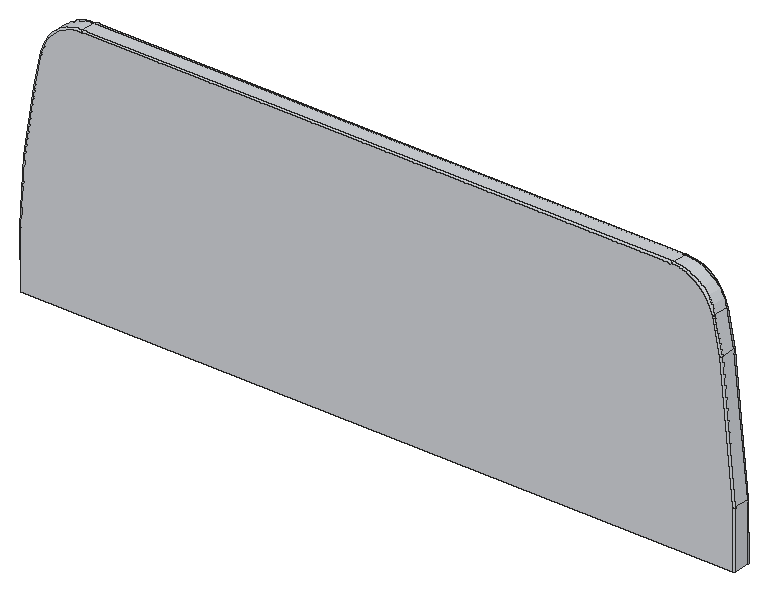
Revit family "BuzziSpace - BuzziReDesk", category Furniture Systems, Revit 2019
Family settings
  Round Connector Dimension = Use Diameter
  Part Type = Normal
  Work Plane-Based = No
  Always vertical = Yes
  Cut with Voids When Loaded = No
  Shared = No
  Room Calculation Point = No
Parameters (values of type "50cm x 140cm")
  Width = 4' - 7 1/8"
  URL = "https://www.buzzi.space/acoustic-solutions/buzziredesk"
  Model = "BuzziReDesk"
  Manufacturer = "BuzziSpace"  # constant formula
  Height = 1' - 7 177/256"
  Fix [instance] = none
  Desk Height [instance] = 2' - 6"
  Cover [instance] = none
Types (21): name | Width | Height
  40cm x 80cm | 2' - 7 1/2" | 1' - 3 3/4"
  40cm x 100cm | 3' - 3 3/8" | 1' - 3 3/4"
  40cm x 120cm | 3' - 11 1/4" | 1' - 3 3/4"
  40cm x 140cm | 4' - 7 1/8" | 1' - 3 3/4"
  40cm x 160cm | 5' - 3" | 1' - 3 3/4"
  40cm x 180cm | 5' - 10 7/8" | 1' - 3 3/4"
  40cm x 200cm | 6' - 6 3/4" | 1' - 3 3/4"
  50cm x 80cm | 2' - 7 1/2" | 1' - 7 177/256"
  50cm x 100cm | 3' - 3 3/8" | 1' - 7 177/256"
  50cm x 120cm | 3' - 11 1/4" | 1' - 7 177/256"
  50cm x 140cm | 4' - 7 1/8" | 1' - 7 177/256"
  50cm x 160cm | 5' - 3" | 1' - 7 177/256"
  50cm x 180cm | 5' - 10 7/8" | 1' - 7 177/256"
  50cm x 200cm | 6' - 6 3/4" | 1' - 7 177/256"
  60cm x 80cm | 2' - 7 1/2" | 1' - 11 159/256"
  60cm x 100cm | 3' - 3 3/8" | 1' - 11 159/256"
  60cm x 120cm | 3' - 11 1/4" | 1' - 11 159/256"
  60cm x 140cm | 4' - 7 1/8" | 1' - 11 159/256"
  60cm x 160cm | 5' - 3" | 1' - 11 159/256"
  60cm x 180cm | 5' - 10 7/8" | 1' - 11 159/256"
  60cm x 200cm | 6' - 6 3/4" | 1' - 11 159/256"
Reference planes (in)
  plane 1 "Center F/B": y = 0
  plane 2: z = 0
  plane 3 "Center L/R": x = 0
  plane 4: y = 0.6875
  plane 5: y = -0.6875
  plane 6: x = -27.5625
  plane 7: x = -22.66805
  plane 8: x = 27.5625
  plane 9: x = 22.66805
  plane 10 "Top": z = 49.69141
  plane 11: z = 48.69141
  plane 12: x = -26.5625
  plane 13: x = 26.5625
  plane 14 "Mask": z = 50.69141
  plane 15: z = 30
Forms (in)
  Extrusion 1, solid, material <- "Cover"
    sketch origin (0, 0, 0) x (1, 0, 0) y (0, 0, 1)
      loop
        arc (-22.76572, 48.69141) -> (-24.18169, 48.18998) -> (-24.96655, 46.90921) r 2.25
        line (-24.96655, 46.90921) -> (-25.52997, 44.2585)
        arc (-25.52997, 44.2585) -> (-26.30366, 39.37365) -> (-26.5625, 34.43468) r 47.25
        line (-26.5625, 34.43468) -> (-26.5625, 30) -> (-22.66805, 30) -> (-22.66805, 48.69141) -> (-22.76572, 48.69141)
    from -0.6875 to 0.6875
  Extrusion 2, solid, material <- "Fix"
    sketch origin (0, 0, 0) x (1, 0, 0) y (0, 0, 1)
      loop
        line (25.36294, 32.71654) -> (24.18184, 32.71654)
        arc (24.18184, 32.71654) -> (23.90345, 32.60122) -> (23.78814, 32.32283) r 0.3937
        line (23.78814, 32.32283) -> (23.78814, 30) -> (25.75664, 30) -> (25.75664, 32.32283)
        arc (25.75664, 32.32283) -> (25.64133, 32.60122) -> (25.36294, 32.71654) r 0.3937
      loop
        arc (-25.36294, 32.71654) -> (-25.64133, 32.60122) -> (-25.75664, 32.32283) r 0.3937
        line (-25.75664, 32.32283) -> (-25.75664, 30) -> (-23.78814, 30) -> (-23.78814, 32.32283)
        arc (-23.78814, 32.32283) -> (-23.90345, 32.60122) -> (-24.18184, 32.71654) r 0.3937
        line (-24.18184, 32.71654) -> (-25.36294, 32.71654)
    from -0.86929 to -0.6875
  Extrusion 3, solid, material <- "Cover"
    sketch origin (0, 0, 0) x (-1, 0, 0) y (0, 0, -1)
      loop
        line (-22.76572, -48.69141) -> (-22.66805, -48.69141) -> (-22.66805, -30) -> (-26.5625, -30) -> (-26.5625, -34.43468)
        arc (-26.5625, -34.43468) -> (-26.30366, -39.37365) -> (-25.52997, -44.2585) r 47.25
        line (-25.52997, -44.2585) -> (-24.96655, -46.90921)
        arc (-24.96655, -46.90921) -> (-24.18169, -48.18998) -> (-22.76572, -48.69141) r 2.25
    from -0.6875 to 0.6875
  Extrusion 4, solid, material <- "Cover"
    sketch origin (0, 0, 0) x (0, 1, 0) y (0, 0, 1)
      loop
        line (-0.6875, 48.69141) -> (-0.6875, 30) -> (0.6875, 30) -> (0.6875, 48.69141) -> (-0.6875, 48.69141)
    from -22.66805 to 22.66805
  Sweep 5, solid, material <- "Cover"
    path in 3D
      loop
        line (22.66805, -0.6875, 48.69141) -> (-22.66805, -0.6875, 48.69141)
    profile origin (0, -0.6875, 48.69141) x (0, -1, 0) y (0, 0, 1)
      loop
        line (-0.11811, 1) -> (-1.25689, 1)
        arc (-1.25689, 1) -> (-1.34041, 0.96541) -> (-1.375, 0.88189) r 0.11811
        line (-1.375, 0.88189) -> (-1.375, 0) -> (0, 0) -> (0, 0.88189)
        arc (0, 0.88189) -> (-0.03459, 0.96541) -> (-0.11811, 1) r 0.11811
  Sweep 6, solid, material <- "Cover"
    path in 3D
      loop
        line (26.5625, -0.6875, 30) -> (26.5625, -0.6875, 34.43468)
        arc (26.5625, -0.6875, 34.43468) -> (26.30366, -0.6875, 39.37365) -> (25.52997, -0.6875, 44.2585) r 47.25
        line (25.52997, -0.6875, 44.2585) -> (24.96655, -0.6875, 46.90921)
        arc (24.96655, -0.6875, 46.90921) -> (24.18169, -0.6875, 48.18998) -> (22.76572, -0.6875, 48.69141) r 2.25
        line (22.76572, -0.6875, 48.69141) -> (22.66805, -0.6875, 48.69141)
    profile origin (22.71688, -0.6875, 48.69141) x (0, -1, 0) y (0, 0, 1)
      loop
        line (-0.11811, 1) -> (-1.25689, 1)
        arc (-1.25689, 1) -> (-1.34041, 0.96541) -> (-1.375, 0.88189) r 0.11811
        line (-1.375, 0.88189) -> (-1.375, 0) -> (0, 0) -> (0, 0.88189)
        arc (0, 0.88189) -> (-0.03459, 0.96541) -> (-0.11811, 1) r 0.11811
  Sweep 7, solid, material <- "Cover"
    path in 3D
      loop
        line (-22.66805, -0.6875, 48.69141) -> (-22.76572, -0.6875, 48.69141)
        arc (-22.76572, -0.6875, 48.69141) -> (-24.18169, -0.6875, 48.18998) -> (-24.96655, -0.6875, 46.90921) r 2.25
        line (-24.96655, -0.6875, 46.90921) -> (-25.52997, -0.6875, 44.2585)
        arc (-25.52997, -0.6875, 44.2585) -> (-26.30366, -0.6875, 39.37365) -> (-26.5625, -0.6875, 34.43468) r 47.25
        line (-26.5625, -0.6875, 34.43468) -> (-26.5625, -0.6875, 30)
    profile origin (-22.71688, -0.6875, 48.69141) x (0, -1, 0) y (0, 0, 1)
      loop
        line (-0.11811, 1) -> (-1.25689, 1)
        arc (-1.25689, 1) -> (-1.34041, 0.96541) -> (-1.375, 0.88189) r 0.11811
        line (-1.375, 0.88189) -> (-1.375, 0) -> (0, 0) -> (0, 0.88189)
        arc (0, 0.88189) -> (-0.03459, 0.96541) -> (-0.11811, 1) r 0.11811
Cuts and joins
  joined: Extrusion 1, Extrusion 3, Extrusion 4, Sweep 5, Sweep 6, Sweep 7
Lines and regions (in)
  Masking region 1
    outline origin (0, 0, 50.69141) x (0, 1, 0) y (-1, 0, 0)
      loop
        arc (-0.6875, -27.44439) -> (-0.65291, -27.52791) -> (-0.56939, -27.5625) r 0.11811
        line (-0.56939, -27.5625) -> (0.56939, -27.5625)
        arc (0.56939, -27.5625) -> (0.65291, -27.52791) -> (0.6875, -27.44439) r 0.11811
        line (0.6875, -27.44439) -> (0.6875, 27.44439)
        arc (0.6875, 27.44439) -> (0.65291, 27.52791) -> (0.56939, 27.5625) r 0.11811
        line (0.56939, 27.5625) -> (-0.56939, 27.5625)
        arc (-0.56939, 27.5625) -> (-0.65291, 27.52791) -> (-0.6875, 27.44439) r 0.11811
        line (-0.6875, 27.44439) -> (-0.6875, -27.44439)
  Masking region 2, detail levels medium+fine
    outline origin (0, 0, 50.69141) x (-1, 0, 0) y (0, -1, 0)
      loop
        line (25.75664, -0.86929) -> (25.75664, -0.6875) -> (23.78814, -0.6875) -> (23.78814, -0.86929) -> (25.75664, -0.86929)
      loop
        line (-23.78814, -0.86929) -> (-23.78814, -0.6875) -> (-25.75664, -0.6875) -> (-25.75664, -0.86929) -> (-23.78814, -0.86929)
  symbolic lines, detail levels medium+fine
    curve 1: line (-25.75664, -0.6875, 50.69141) -> (-23.78814, -0.6875, 50.69141)
    curve 2: line (25.75664, -0.6875, 50.69141) -> (23.78814, -0.6875, 50.69141)
  sketch lines
    curve 3: line (22.66805, -0.6875, 48.69141) -> (-22.66805, -0.6875, 48.69141)
    curve 4: line (22.76572, -0.6875, 48.69141) -> (22.66805, -0.6875, 48.69141)
    curve 5: arc (22.76572, -0.6875, 48.69141) -> (24.18169, -0.6875, 48.18998) -> (24.96655, -0.6875, 46.90921) r 2.25
    curve 6: line (25.52997, -0.6875, 44.2585) -> (24.96655, -0.6875, 46.90921)
    curve 7: arc (25.52997, -0.6875, 44.2585) -> (26.30366, -0.6875, 39.37365) -> (26.5625, -0.6875, 34.43468) r 47.25
    curve 8: line (26.5625, -0.6875, 30) -> (26.5625, -0.6875, 34.43468)
    curve 9: line (-22.66805, -0.6875, 48.69141) -> (-22.76572, -0.6875, 48.69141)
    curve 10: arc (-24.96655, -0.6875, 46.90921) -> (-24.18169, -0.6875, 48.18998) -> (-22.76572, -0.6875, 48.69141) r 2.25
    curve 11: line (-24.96655, -0.6875, 46.90921) -> (-25.52997, -0.6875, 44.2585)
    curve 12: arc (-26.5625, -0.6875, 34.43468) -> (-26.30366, -0.6875, 39.37365) -> (-25.52997, -0.6875, 44.2585) r 47.25
    curve 13: line (-26.5625, -0.6875, 34.43468) -> (-26.5625, -0.6875, 30)
Dimensions and locks (in)
  equal spacing: plane 5, plane 1 "Center F/B", plane 4
  locked: plane 5 to plane 4 at 1.375
  locked: plane 6 to plane 7 at 4.89445
  locked: plane 8 to plane 9 at 4.89445
  equal spacing: plane 6, plane 3 "Center L/R", plane 8
  "Width": plane 6 to plane 8
  locked: plane 6 to plane 12 at 1
  locked: plane 8 to plane 13 at 1
  locked: plane 10 "Top" to plane 11 at 1
  locked: Extrusion 2 sketch curve to Extrusion 2 sketch curve at 1.9685  (x2)
  locked: plane 14 "Mask" to plane 10 "Top" at 1
  "Height": plane 10 "Top" to plane 15
  locked: Extrusion 2 sketch curve to Extrusion 2 sketch curve at 2.71654  (x2)
  "Desk Height": plane 15 to level
  aligned and locked: level to plane 2
  aligned and locked: curve 1 to Extrusion 2
  aligned and locked: Extrusion 2 to curve 1
  aligned and locked: Extrusion 2 to curve 2
  aligned and locked: curve 2 to Extrusion 2
  aligned and locked: plane 11 to Extrusion 1 sketch curve
  aligned and locked: Extrusion 1 sketch curve to plane 7
  aligned and locked: Extrusion 1 sketch curve to plane 12
  aligned and locked: Extrusion 3 to plane 9
  aligned and locked: plane 9 to Extrusion 4
  aligned and locked: Extrusion 4 to plane 7
  aligned and locked: Extrusion 2 sketch curve to plane 15
  aligned and locked: plane 15 to Extrusion 2 sketch curve
  aligned and locked: Extrusion 1 sketch curve to plane 15
  aligned and locked: plane 15 to Extrusion 3 sketch curve
  aligned and locked: plane 15 to cut or joined group of Extrusion 1, Extrusion 3, Extrusion 4, Sweep 5, Sweep 6, Sweep 7
  aligned and locked: Masking region 2 sketch curve to Extrusion 2  (x4)
  aligned and locked: Masking region 2 sketch curve to plane 4  (x2)
Automatic sketch dimensions
  Extrusion 1 sketch curve to plane 12 = 0' - 1.03253"
  plane 11 to Extrusion 1 sketch curve = 0' - 1.7822"
  Extrusion 1 sketch curve to plane 12 = 0' - 1.59595"
  Extrusion 1 sketch curve to Extrusion 1 sketch curve = 0' - 0 25/256"
  Extrusion 2 sketch curve to plane 12 = 0' - 0.80586"
  Extrusion 2 sketch curve to Extrusion 2 sketch curve = 0' - 0.3937"  (x4)
  plane 9 to Extrusion 2 sketch curve = 0' - 1.12009"
  curve 1 to plane 5 = 0' - 0"
  plane 5 to curve 2 = 0' - 0"
  Extrusion 3 sketch curve to plane 13 = 0' - 0"
  Extrusion 3 sketch curve to plane 11 = 0' - 0"
  Extrusion 3 sketch curve to plane 9 = 0' - 0"
  Extrusion 3 sketch curve to plane 13 = 0' - 1.03253"
  plane 11 to Extrusion 3 sketch curve = 0' - 1.7822"
  Extrusion 3 sketch curve to plane 13 = 0' - 1.59595"
  Extrusion 3 sketch curve to Extrusion 3 sketch curve = 0' - 0 25/256"
  Extrusion 4 sketch curve to plane 5 = 0' - 0"
  Extrusion 4 sketch curve to plane 4 = 0' - 0"
  plane 15 to Extrusion 4 sketch curve = 0' - 0"
  plane 11 to Extrusion 4 sketch curve = 0' - 0"
  Sweep 5 sketch curve to profile plane = 0' - 0"  (x2)
  profile plane to Sweep 5 sketch curve = 0' - 0.11811"
  Sweep 5 sketch curve to Sweep 5 sketch curve = 0' - 1.13878"
  Sweep 5 sketch curve to Sweep 5 sketch curve = 0' - 0.11811"
  profile plane to Sweep 5 sketch curve = 0' - 0.88189"
  Sweep 6 sketch curve to profile plane = 0' - 0"  (x2)
  Sweep 6 sketch curve to Sweep 6 sketch curve = 0' - 0.11811"  (x2)
  Sweep 6 sketch curve to Sweep 6 sketch curve = 0' - 1.13878"
  Sweep 6 sketch curve to Sweep 6 sketch curve = 0' - 0.88189"
  Sweep 7 sketch curve to profile plane = 0' - 0"  (x2)
  profile plane to Sweep 7 sketch curve = 0' - 0.11811"
  Sweep 7 sketch curve to Sweep 7 sketch curve = 0' - 1.13878"
  Sweep 7 sketch curve to Sweep 7 sketch curve = 0' - 0.11811"
  profile plane to Sweep 7 sketch curve = 0' - 0.88189"
  Masking region 1 sketch curve to plane 5 = 0' - 0"
  Masking region 1 sketch curve to plane 6 = 0' - 0"
  Masking region 1 sketch curve to plane 8 = 0' - 0"
  Masking region 1 sketch curve to plane 4 = 0' - 0"
  plane 5 to Masking region 1 sketch curve = 0' - 0.11811"  (x2)
  plane 4 to Masking region 1 sketch curve = 0' - 0.11811"  (x2)
  Masking region 2 sketch curve to plane 4 = 0' - 0.18179"
  Masking region 2 sketch curve to Masking region 2 sketch curve = 0' - 0.18179"
